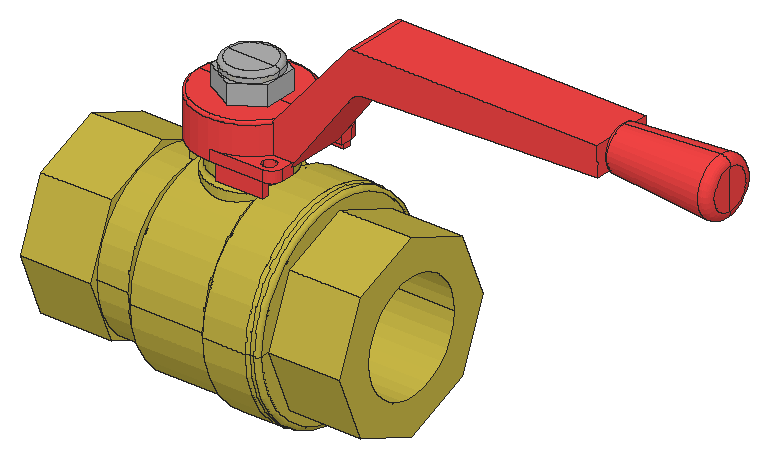
Revit family "QA01830000", category Apparecchi idraulici, Revit 2016
Family settings
  Tipo di parte = Normale
  Quota connettore circolare = Usa diametro
  Numero OmniClass = 23.45.00.00
  Titolo OmniClass = Sanitary, Laundry, and Cleaning Equipment
  Basato su piano di lavoro = No
  Sempre verticale = Sì
  Taglio con vuoti quando caricato = No
  Condiviso = No
  Punto di calcolo locali = No
Parameters
  URL = "https://web.cimberio.it/index.php/figura/1030?subcategoria_id=41693"
  DN Model [instance] = QA01831025 : QA01831025
  DN [instance] = 25 mm
Reference planes
  plane 1 "Centro (Fronte/Retro)": y = 0
  plane 2: z = 0
  plane 3 "Centro (Sinistra/Destra)": x = 0
Dimensions and locks
  aligned and locked: level to plane 2
Nested families
  nested 1: "QA01831025" at (0, 0, 0), type <- "DN Model", type "QA01831025"
  nested 2: "QA01831025" at (0, 0, 0), type <- "DN Model", type "QA01831025"
  nested 3: "QA01831025" at (0, 0, 0), type <- "DN Model", type "QA01831025"
  nested 4: "QA01831025" at (0, 0, 0), type <- "DN Model", type "QA01831025"
  nested 5: "QA01831025" at (0, 0, 0), type <- "DN Model", type "QA01831025"
  nested 6: "QA01831025" at (0, 0, 0), type <- "DN Model", type "QA01831025"
  nested 7: "QA01831025" at (0, 0, 0), type <- "DN Model", type "QA01831025"
  nested 8: "QA01831025" at (0, 0, 0), type <- "DN Model", type "QA01831025"
Connectors
  piping at (36.7, 0, 0), diameter 25, driven by "DN"
    settings: on nested 1, index 1, connector inside diameter 609.6 mm, connector length 0 mm, flow factor 0, pipe flow 0.0 L/s, pressure drop 0.0 Pa, fitting loss kfactor 0, connector angle 0.00°, fixture units 0, engagement length 0 mm, angle of deflection 0.00°, flow configuration 0, flow direction 0, fitting loss method 0, system type 7, joint type 0, gender type 0, connector reference index -1, connector utility 0, adjustable connector no, is connector primary yes, connector description ""
  piping at (-36.9, 0, 0), diameter 25, driven by "DN"
    settings: on nested 1, index 2, connector inside diameter 609.6 mm, connector length 0 mm, flow factor 0, pipe flow 0.0 L/s, pressure drop 0.0 Pa, fitting loss kfactor 0, connector angle 0.00°, fixture units 0, engagement length 0 mm, angle of deflection 0.00°, flow configuration 0, flow direction 0, fitting loss method 0, system type 7, joint type 0, gender type 0, connector reference index -1, connector utility 0, adjustable connector no, is connector primary no, connector description ""
Definition of nested family "QA01831025"
  Reference planes
    plane 1 "Centro (Fronte/Retro)": y = 0
    plane 2: z = 0
    plane 3 "Centro (Sinistra/Destra)": x = 0
  Forms (mm)
    Revolve 1, solid
      sketch origin (0, 0, 0) x (1, 0, 0) y (0, 1, 0)
        loop
          line (-20.6, 12.5) -> (20.1, 12.5) -> (20.1, 22.25)
          arc (20.1, 22.25) -> (19.807, 22.957) -> (19.1, 23.25) r 1
          line (19.1, 23.25) -> (18.06, 23.25) -> (17.29, 23.5) -> (7.6, 23.5) -> (6.4, 22.3) -> (-10.1, 22.3) -> (-13.4, 19) -> (-20.6, 19) -> (-20.6, 12.5)
        axis (-20.6, 0) -> (20.1, 0)
      angle from 0 to 360
    Extrusion 2, solid
      sketch origin (0, 0, 0) x (0, 1, 0) y (0, 0, 1)
        loop
          circle (0, 0) r 12.5
        loop
          line (0, 20.5) -> (-14.496, 14.496) -> (-20.5, 0) -> (-14.496, -14.496) -> (0, -20.5) -> (14.496, -14.496) -> (20.5, 0) -> (14.496, 14.496) -> (0, 20.5)
      from -36.9 to -20.6
    Extrusion 3, solid
      sketch origin (0, 0, 0) x (0, 1, 0) y (0, 0, -1)
        loop
          circle (0, 0) r 12.5
        loop
          line (0, -20.5) -> (14.496, -14.496) -> (20.5, 0) -> (14.496, 14.496) -> (0, 20.5) -> (-14.496, 14.496) -> (-20.5, 0) -> (-14.496, -14.496) -> (0, -20.5)
      from -36.7 to -20
    Revolve 4, solid
      sketch origin (0, 0, 0) x (1, 0, 0) y (0, 0, 1)
        loop
          line (0.065, 28.2) -> (-8.62, 28.2) -> (-8.62, 23.24)
          arc (-8.62, 23.24) -> (-8.917, 22.525) -> (-9.631, 22.229) r 1.011
          line (-9.631, 22.229) -> (-9.631, 19.618) -> (0.065, 19.618) -> (0.065, 28.2)
        axis (0.065, 19.618) -> (0.065, 28.2)
      angle from 0 to 360
    Extrusion 5, solid
      sketch origin (0, 0, 0) x (1, 0, 0) y (0, 0, 1)
        loop
          line (-8, 28.2) -> (-13, 28.2) -> (-13, 20.151)
          arc (-13, 20.151) -> (-12.606, 19.948) -> (-12.174, 19.851) r 1.741
          line (-12.174, 19.851) -> (-8, 19.851) -> (-8, 28.2)
      from -1.5 to 1.5
    Revolve 6, solid
      sketch origin (0, 0, 0) x (1, 0, 0) y (0, 0, 1)
        loop
          line (0, 32.842) -> (-8, 32.842) -> (-8, 26.688) -> (0, 26.688) -> (0, 32.842)
        axis (0, 32.842) -> (0, 26.688)
      angle from 0 to 360
    Revolve 7, solid
      sketch origin (0, 0, 0) x (1, 0, 0) y (0, 0, 1)
        loop
          line (0, 38.5) -> (-12, 38.5)
          arc (-12, 38.5) -> (-12.403, 38.267) -> (-12.5, 37.812) r 0.574
          line (-12.5, 37.812) -> (-12.5, 29) -> (0, 29) -> (0, 38.5)
        axis (0, 38.5) -> (0, 29)
      angle from 0 to 360
    Extrusion 8, solid
      sketch origin (0, 0, 0) x (1, 0, 0) y (0, 1, 0)
        loop
          arc (0, 12.5) -> (5.863, 11.04) -> (10.356, 7) r 12.5
          line (10.356, 7) -> (15, 7) -> (15, 9.999)
          arc (15, 9.999) -> (14.268, 11.767) -> (12.5, 12.5) r 2.5
          line (12.5, 12.5) -> (0, 12.5)
        loop
          line (0, -12.5) -> (12.5, -12.5)
          arc (12.5, -12.5) -> (14.268, -11.767) -> (15, -9.999) r 2.5
          line (15, -9.999) -> (15, -7) -> (10.356, -7)
          arc (10.356, -7) -> (5.863, -11.04) -> (0, -12.5) r 12.5
        loop
          circle (12, 10) r 1.5
        loop
          circle (12, -10) r 1.5
      from 29 to 31.5
    Extrusion 9, solid
      sketch origin (0, 0, 0) x (1, 0, 0) y (0, 1, 0)
        loop
          line (12.397, -12.5) -> (12.397, -10.9) -> (1.6, -10.9) -> (1.6, -12.5) -> (12.397, -12.5)
      from 25.5 to 29
    Extrusion 10, solid
      sketch origin (0, 0, 0) x (1, 0, 0) y (0, 1, 0)
        loop
          line (12.397, 12.5) -> (1.6, 12.5) -> (1.6, 10.9) -> (12.397, 10.9) -> (12.397, 12.5)
      from 25.5 to 29
    Extrusion 11, solid
      sketch origin (0, 0, 0) x (1, 0, 0) y (0, 1, 0)
        loop
          line (-0.192, 7.499) -> (-6.59, 3.583) -> (-6.399, -3.916) -> (0.192, -7.499) -> (6.59, -3.583) -> (6.399, 3.916) -> (-0.192, 7.499)
      from 38.5 to 43
    Revolve 12, solid
      sketch origin (0, 0, 0) x (1, 0, 0) y (0, 0, 1)
        loop
          arc (-5.25, 45) -> (-5.957, 44.707) -> (-6.25, 44) r 1
          line (-6.25, 44) -> (-6.25, 43) -> (0, 43) -> (0, 45) -> (-5.25, 45)
        axis (0, 45) -> (0, 43)
      angle from 0 to 360
    Extrusion 13, solid
      sketch origin (0, 0, 0) x (1, 0, 0) y (0, 0, 1)
        loop
          line (10.356, 38.239) -> (10.356, 29.654) -> (14.118, 29.654) -> (28.704, 49.682)
          arc (28.704, 49.682) -> (29.406, 50.296) -> (30.306, 50.545) r 2.1
          line (30.306, 50.545) -> (85.121, 53.005) -> (84.946, 59.5) -> (29.02, 59.5)
          arc (29.02, 59.5) -> (28.132, 59.303) -> (27.411, 58.75) r 2.1
          line (27.411, 58.75) -> (10.356, 38.239)
      from -7 to 7
    Revolve 14, solid
      sketch origin (0, 0, 0) x (1, 0, 0) y (0, 0, 1)
        loop
          arc (85.745, 61.288) -> (85.215, 61.036) -> (85, 60.49) r 0.8
          line (85, 60.49) -> (84.499, 59.5) -> (84.499, 56.253) -> (110, 56.253) -> (110, 60.825)
          arc (110, 60.825) -> (109.356, 62.297) -> (107.836, 62.82) r 2
          line (107.836, 62.82) -> (85.745, 61.288)
        axis (84.499, 56.253) -> (110, 56.253)
      angle from 0 to 360
  Cuts and joins
    joined: Revolve 4, Extrusion 5
  Dimensions and locks
    aligned and locked: level to plane 2
